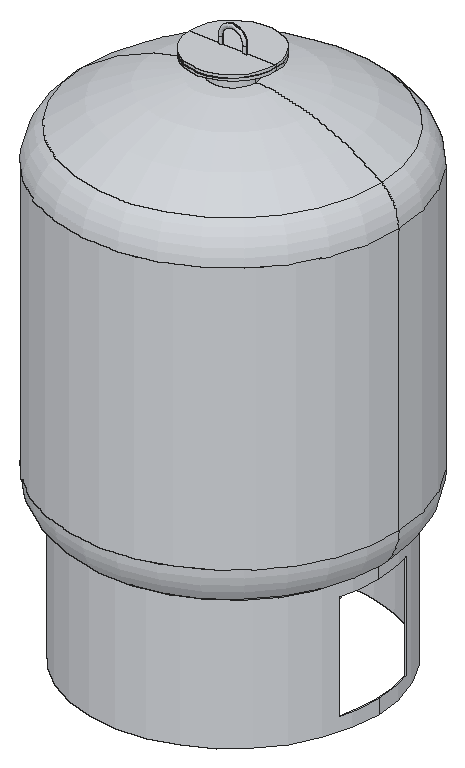
Revit family
Parameters (values of type "WX-426 100# W.P.")
  Weight = "971 lbs"
  Tank Volume = "422 GAL"
  Tank Only = 63.125"
  Tank Height/Length = 78.625"
  Tank Diameter = "48"
  Pipe Connector Diameter = Pipe Connection Radius * 2  # 3.000"
  Pipe Connection Radius = 1.500"
  Model = "WX-426"
  Maximum Acceptance Volume = "274 GAL"
  Max Operating Temp = "240 Deg F"
  Max Operating Pressure = "100 PSI"
  Manufacturer = "Amtrol"
  Lifting Ring Location = Tank Only / 2  # 31.5625"
  Floor to Elbow Centerline = 6.125"
  Floor to Bottom of Tank = 12.500"
  Bladder/Diaphragm = "Bladder"
  ASME = no
Types (3): name | Weight | Tank Volume | Tank Only | Tank Height/Length | Model | Maximum Acceptance Volume | Max Operating Temp | Lifting Ring Location
  (no name) | "971 lbs" | "422 GAL" | 63.125" | 78.625" | "WX-426" | "274 GAL" | "240 Deg F" | 31.5625"
  WX-426 100# W.P. | "971 lbs" | "422 GAL" | 63.125" | 78.625" | "WX-426" | "274 GAL" | "240 Deg F" | 31.5625"
  WX-427 100# W.P. | "1222 lbs" | "528 GAL" | 77.375" | 92.875" | "WX-427" | "343 GAL" | "240 DEG F" | 38.6875"
Reference planes (in)
  plane 1 "Center (Front/Back)": y = 0
  plane 2: z = 0
  plane 3 "Center (Left/Right)": x = 0
Forms (in)
  Revolve 1, solid
    sketch origin (0, 0, 0) x (1, 0, 0) y (0, 0, 1)
      loop
        arc (21.44792, 68.77079) -> (11.32825, 74.0888) -> (0, 75.625) r 32.91716
        line (0, 75.625) -> (0, 12.5)
        arc (0, 12.5) -> (11.37188, 14.12197) -> (21.49399, 19.55272) r 32.917
        arc (21.49399, 19.55272) -> (23.3404, 21.84897) -> (23.99993, 24.72074) r 6.582
        line (23.99993, 24.72074) -> (23.99993, 63.76218)
        arc (23.99993, 63.76218) -> (23.28548, 66.55261) -> (21.44792, 68.77079) r 6.58224
      axis (0, 12.5) -> (0, 75.625)
    angle from 0 to 360
  Revolve 2, solid
    sketch origin (0, 0, 0) x (1, 0, 0) y (0, 0, 1)
      loop
        line (0, 78.77034) -> (0, 75.39534) -> (3.3125, 75.39534) -> (3.3125, 77.89534) -> (6.23961, 77.89534) -> (6.23961, 78.27034) -> (0.73961, 78.27034) -> (0.73961, 78.39534) -> (6.23961, 78.39534) -> (6.23961, 78.77034) -> (0, 78.77034)
      axis (0, 75.39534) -> (0, 78.77034)
    angle from 0 to 360
  Revolve 3, solid
    sketch origin (0, 0, 0) x (1, 0, 0) y (0, 0, 1)
      loop
        line (14.4359, 11.77478) -> (14.33884, 12.137) -> (13.97054, 12.03831) -> (13.87349, 12.40053) -> (14.24179, 12.49922) -> (14.14473, 12.86144) -> (12.69584, 12.47321) -> (12.04879, 14.88803) -> (9.27176, 14.14392) -> (10.20997, 10.64244) -> (14.4359, 11.77478)
      axis (10.20997, 10.64244) -> (9.27176, 14.14392)
    angle from 0 to 360
  Revolve 4, solid
    sketch origin (0, 0, 0) x (1, 0, 0) y (0, 0, 1)
      loop
        line (11.87266, 9.54007) -> (11.87266, 11.72789) -> (10.20997, 11.72789) -> (10.20997, 9.54007) -> (11.87266, 9.54007)
      axis (10.20997, 9.54007) -> (10.20997, 11.72789)
    angle from 0 to 360
  Revolve 5, solid
    sketch origin (0, 0, 0) x (1, 0, 0) y (0, 0, 1)
      loop
        line (-21, 0) -> (-20.814, 0) -> (-20.814, 19.75) -> (-21, 19.75) -> (-21, 0)
      axis (0, 0) -> (0, 19.75)
    angle from 0 to 360
  Extrusion 6, void
    sketch origin (0, 0, 0) x (0, 1, 0) y (0, 0, 1)
      loop
        line (6, 2) -> (6, 17.45798) -> (-6, 17.45798) -> (-6, 2) -> (6, 2)
    from 18.98012 to 36.62147
  Sweep 7, solid
    path origin (0, 0, 0) x (1, 0, 0) y (0, 0, 1)
      loop
        line (-1.7581, 78.39543) -> (-1.7581, 79.77443)
        arc (-1.7581, 79.77443) -> (-0.0081, 81.52443) -> (1.7419, 79.77443) r 1.75
        line (1.7419, 79.77443) -> (1.7419, 78.39534)
    profile origin (-0.0081, 0, 81.52443) x (0, 0, 1) y (0, -1, 0)
      loop
        circle (0, 0) r 0.25
  Sweep 8, solid
    path origin (0, 0, 0) x (1, 0, 0) y (0, 0, 1)
      loop
        line (10.20997, 9.545) -> (10.20997, 8.941)
        arc (10.20997, 8.941) -> (11.03476, 6.94979) -> (13.02597, 6.125) r 2.816
        line (13.02597, 6.125) -> (13.65097, 6.125)
    profile origin (10.20997, 0, 9.243) x (0, -1, 0) y (1, 0, 0)
      loop
        circle (0, 0) r 2
  Extrusion 9, void
    sketch origin (0, 0, 0) x (0, 1, 0) y (0, 0, 1)
      loop
        line (3, 17.45798) -> (-3, 17.45798) -> (-3, 10.70798) -> (3, 10.70798) -> (3, 17.45798)
    from -18.87223 to -29.70163
  Sweep 10, solid
    path origin (0, 0, 0) x (1, 0, 0) y (0, 0, 1)
      loop
        line (-23.73367, 45.80191) -> (-24.73367, 45.80191)
        arc (-24.73367, 45.80191) -> (-26.48367, 44.05191) -> (-24.73367, 42.30191) r 1.75
        line (-24.73367, 42.30191) -> (-23.73367, 42.30191)
    profile origin (-24.23367, 0, 45.80191) x (0, 0, -1) y (0, -1, 0)
      loop
        circle (0, 0) r 0.25
Cuts and joins
  Extrusion 6, Extrusion 9 cuts Revolve 1
  Extrusion 6, Extrusion 9 cuts Revolve 3
  Extrusion 6, Extrusion 9 cuts Revolve 5
  Extrusion 9 cuts Revolve 4
Lines and regions (in)
  reference lines
    curve 1: line (0, 0, 12.48941) -> (-1.30368, 0, 12.48941)
Dimensions and locks (in)
  "Tank Only": Revolve 1 sketch curve to Revolve 1 sketch curve
  "Floor to Bottom of Tank": Revolve 1 sketch curve to level
  Revolve 1 sketch curve to Revolve 1 sketch curve = 26.33492"
  Revolve 2 sketch curve to Revolve 1 = 11.63315"
  Revolve 2 sketch curve to Revolve 2 sketch curve = 2.500"
  Revolve 2 sketch curve to Revolve 2 sketch curve = 3.375"
  plane 3 "Center (Left/Right)" to Revolve 5 sketch curve = 21.000"
  Sweep 7 sketch curve to cut or joined group of Revolve 1, Extrusion 6, Extrusion 9 = 14.63325"
  Sweep 7 sketch curve to cut or joined group of Revolve 1, Extrusion 6, Extrusion 9 = 14.63315"
  "Floor to Elbow Centerline": Sweep 8 sketch curve to level
  "Lifting Ring Location": Sweep 10 sketch curve to curve 1
  radius of Revolve 1 sketch curve = 32.91716"
  radius of Revolve 1 sketch curve = 6.58224"
  radius of Revolve 1 sketch curve = 6.582"
  radius of Revolve 1 sketch curve = 32.917"
Automatic sketch dimensions
  Revolve 1 sketch curve to plane 3 "Center (Left/Right)" = 0.000"  (x2)
  plane 3 "Center (Left/Right)" to Revolve 1 sketch curve = 1.10933"
  plane 3 "Center (Left/Right)" to Revolve 1 sketch curve = 1.30799"
  Revolve 1 sketch curve to Revolve 1 sketch curve = 6.57927"
  Revolve 1 sketch curve to Revolve 1 sketch curve = 2.55201"
  Revolve 1 sketch curve to Revolve 1 sketch curve = 2.50593"
  Revolve 1 sketch curve to Revolve 1 sketch curve = 0.000"
  Revolve 1 sketch curve to Revolve 1 sketch curve = 11.04666"
  Revolve 2 sketch curve to plane 3 "Center (Left/Right)" = 0.000"  (x2)
  plane 3 "Center (Left/Right)" to Revolve 2 sketch curve = 0.73961"
  plane 3 "Center (Left/Right)" to Revolve 2 sketch curve = 3.3125"
  Revolve 2 sketch curve to Revolve 2 sketch curve = 2.92711"
  Revolve 2 sketch curve to Revolve 2 sketch curve = 0.000"  (x2)
  Revolve 2 sketch curve to Revolve 2 sketch curve = 0.125"
  Revolve 2 sketch curve to Revolve 2 sketch curve = 0.375"
  Revolve 2 sketch curve to Revolve 2 sketch curve = 5.125"
  plane 3 "Center (Left/Right)" to Revolve 3 sketch curve = 9.08209"
  Revolve 3 sketch curve to Revolve 3 sketch curve = 0.18966"
  Revolve 3 sketch curve to Revolve 3 sketch curve = 0.000"  (x2)
  Revolve 3 sketch curve to Revolve 3 sketch curve = 2.77704"
  Revolve 3 sketch curve to Revolve 3 sketch curve = 0.64705"
  Revolve 3 sketch curve to Revolve 3 sketch curve = 1.17765"
  Revolve 3 sketch curve to Revolve 3 sketch curve = 0.09706"  (x3)
  Revolve 3 sketch curve to Revolve 3 sketch curve = 0.27124"
  level to Revolve 3 sketch curve = 11.77478"
  Revolve 3 sketch curve to Revolve 3 sketch curve = 0.70783"
  level to Revolve 3 sketch curve = 10.64244"
  Revolve 3 sketch curve to Revolve 3 sketch curve = 2.48587"
  plane 3 "Center (Left/Right)" to Revolve 4 sketch curve = 10.20997"
  Revolve 4 sketch curve to Revolve 4 sketch curve = 0.000"  (x2)
  Revolve 4 sketch curve to Revolve 4 sketch curve = 1.66268"
  level to Revolve 4 sketch curve = 9.54007"
  Revolve 4 sketch curve to Revolve 4 sketch curve = 2.18782"
  Revolve 4 sketch curve to Revolve 4 sketch curve = 1.56218"
  Revolve 5 sketch curve to level = 0.000"  (x2)
  Revolve 5 sketch curve to plane 3 "Center (Left/Right)" = 0.000"
  Revolve 5 sketch curve to Revolve 5 sketch curve = 0.186"
  level to Revolve 5 sketch curve = 19.750"
  Revolve 5 sketch curve to Revolve 5 sketch curve = 12.250"
  level to Extrusion 6 sketch curve = 2.000"
  plane 1 "Center (Front/Back)" to Extrusion 6 sketch curve = 6.000"
  Extrusion 6 sketch curve to plane 1 "Center (Front/Back)" = 6.000"
  Extrusion 6 sketch curve to Extrusion 6 sketch curve = 15.45798"
  Sweep 7 sketch curve to plane 3 "Center (Left/Right)" = 1.7581"
  Sweep 7 sketch curve to plane 3 "Center (Left/Right)" = 0.0081"
  Sweep 7 sketch curve to Sweep 7 sketch curve = 1.379"
  Sweep 7 sketch curve to plane 1 "Center (Front/Back)" = 0.000"
  profile plane to Sweep 7 sketch curve = 0.000"
  plane 3 "Center (Left/Right)" to Sweep 8 sketch curve = 10.20997"
  Sweep 8 sketch curve to Sweep 8 sketch curve = 2.816"
  Sweep 8 sketch curve to Sweep 8 sketch curve = 0.625"
  Sweep 8 sketch curve to Sweep 8 sketch curve = 0.604"
  plane 1 "Center (Front/Back)" to Sweep 8 sketch curve = 0.000"
  Sweep 8 sketch curve to profile plane = 0.000"
  plane 1 "Center (Front/Back)" to Extrusion 9 sketch curve = 3.000"
  Extrusion 9 sketch curve to plane 1 "Center (Front/Back)" = 3.000"
  level to Extrusion 9 sketch curve = 10.70798"
  Extrusion 9 sketch curve to Extrusion 9 sketch curve = 6.750"
  Sweep 10 sketch curve to plane 3 "Center (Left/Right)" = 24.73367"
  Sweep 10 sketch curve to Sweep 10 sketch curve = 1.000"  (x2)
  Sweep 10 sketch curve to Sweep 10 sketch curve = 1.750"
  Sweep 10 sketch curve to plane 1 "Center (Front/Back)" = 0.000"
  Sweep 10 sketch curve to profile plane = 0.000"
  curve 1 to plane 3 "Center (Left/Right)" = 0.000"
  curve 1 to curve 1 = 1.30368"
  level to curve 1 = 12.48941"
  radius of Sweep 7 sketch curve = 0.250"
  radius of Sweep 8 sketch curve = 2.000"
  radius of Sweep 10 sketch curve = 0.250"
Connectors (in)
  piping at (13.65097, 0, 6.125), driven by "Pipe Connection Radius"
    settings: on Sweep 8, index 1
